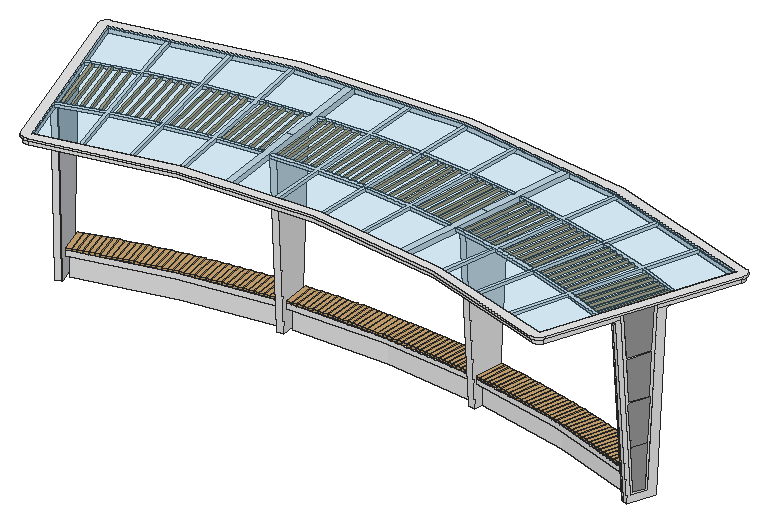
Revit family "L-FUR_퍼걸러_DWP-2007_데오스웍스", category 일반 모델, Revit 2019 (continued)
Definition of nested family "DWP-2007_base"
  Forms (mm)
    Extrusion 19, solid, detail levels fine
      sketch origin (-5766.97, -11301.283, 0) x (1, 0, 0) y (0, 1, 0)
        loop
          arc (11139.363, 13119.28) -> (11174.573, 13115.158) -> (11209.77, 13110.938) r 12790
          line (11209.77, 13110.938) -> (11258.795, 13528.07)
          arc (11258.795, 13528.07) -> (11223.215, 13532.332) -> (11187.624, 13536.498) r 13210
        loop
          arc (9673.82, 13206.839) -> (9707.224, 13206.537) -> (9740.627, 13206.148) r 12790
          line (9740.627, 13206.148) -> (9747.796, 13626.09)
          arc (9747.796, 13626.09) -> (9713.214, 13626.497) -> (9678.631, 13626.814) r 13210
          line (9678.631, 13626.814) -> (9673.82, 13206.839)
        loop
          arc (9750.626, 13206.082) -> (9784.028, 13205.592) -> (9817.428, 13205.015) r 12790
          line (9817.428, 13205.015) -> (9826.955, 13624.91)
          arc (9826.955, 13624.91) -> (9792.376, 13625.512) -> (9757.795, 13626.023) r 13210
          line (9757.795, 13626.023) -> (9750.626, 13206.082)
        loop
          arc (9827.427, 13204.921) -> (9860.825, 13204.244) -> (9894.222, 13203.479) r 12790
          line (9894.222, 13203.479) -> (9906.106, 13623.315)
          arc (9906.106, 13623.315) -> (9871.531, 13624.111) -> (9836.954, 13624.816) r 13210
          line (9836.954, 13624.816) -> (9827.427, 13204.921)
        loop
          arc (9899.22, 13203.357) -> (9932.614, 13202.493) -> (9966.005, 13201.541) r 12790
          line (9966.005, 13201.541) -> (9980.246, 13621.303)
          arc (9980.246, 13621.303) -> (9945.676, 13622.293) -> (9911.104, 13623.192) r 13210
          line (9911.104, 13623.192) -> (9899.22, 13203.357)
        loop
          arc (9971.003, 13201.391) -> (10004.392, 13200.338) -> (10037.777, 13199.199) r 12790
          line (10037.777, 13199.199) -> (10054.375, 13618.874)
          arc (10054.375, 13618.874) -> (10019.811, 13620.058) -> (9985.244, 13621.152) r 13210
          line (9985.244, 13621.152) -> (9971.003, 13201.391)
        loop
          arc (10042.774, 13199.021) -> (10076.156, 13197.781) -> (10109.535, 13196.454) r 12790
          line (10109.535, 13196.454) -> (10128.488, 13616.03)
          arc (10128.488, 13616.03) -> (10093.932, 13617.408) -> (10059.372, 13618.696) r 13210
          line (10059.372, 13618.696) -> (10042.774, 13199.021)
        loop
          arc (10114.531, 13196.248) -> (10147.905, 13194.821) -> (10181.276, 13193.307) r 12790
          line (10181.276, 13193.307) -> (10202.585, 13612.769)
          arc (10202.585, 13612.769) -> (10168.036, 13614.341) -> (10133.484, 13615.823) r 13210
          line (10133.484, 13615.823) -> (10114.531, 13196.248)
        loop
          arc (10257.991, 13189.494) -> (10291.348, 13187.693) -> (10324.699, 13185.804) r 12790
          line (10324.699, 13185.804) -> (10350.717, 13605)
          arc (10350.717, 13605) -> (10316.188, 13606.96) -> (10281.655, 13608.83) r 13210
          line (10281.655, 13608.83) -> (10257.991, 13189.494)
        loop
          arc (10276.662, 13609.093) -> (10242.123, 13610.859) -> (10207.579, 13612.534) r 13210
          line (10207.579, 13612.534) -> (10186.27, 13193.073)
          arc (10186.27, 13193.073) -> (10219.636, 13191.458) -> (10252.998, 13189.756) r 12790
          line (10252.998, 13189.756) -> (10276.662, 13609.093)
        loop
          arc (10425.306, 13602.929) -> (10390.789, 13605.083) -> (10356.266, 13607.147) r 13210
          line (10356.266, 13607.147) -> (10330.249, 13187.95)
          arc (10330.249, 13187.95) -> (10363.594, 13185.961) -> (10396.935, 13183.885) r 12790
          line (10396.935, 13183.885) -> (10425.306, 13602.929)
        loop
          arc (10499.31, 13598.006) -> (10464.806, 13600.353) -> (10430.296, 13602.61) r 13210
          line (10430.296, 13602.61) -> (10401.925, 13183.567)
          arc (10401.925, 13183.567) -> (10435.259, 13181.391) -> (10468.587, 13179.127) r 12790
          line (10468.587, 13179.127) -> (10499.31, 13598.006)
        loop
          arc (10573.286, 13592.667) -> (10538.795, 13595.208) -> (10504.298, 13597.659) r 13210
          line (10504.298, 13597.659) -> (10473.575, 13178.781)
          arc (10473.575, 13178.781) -> (10506.896, 13176.418) -> (10540.211, 13173.967) r 12790
          line (10540.211, 13173.967) -> (10573.286, 13592.667)
        loop
          arc (10647.788, 13589.349) -> (10613.313, 13592.084) -> (10578.83, 13594.729) r 13210
          line (10578.83, 13594.729) -> (10545.755, 13176.03)
          arc (10545.755, 13176.03) -> (10579.063, 13173.48) -> (10612.364, 13170.842) r 12790
          line (10612.364, 13170.842) -> (10647.788, 13589.349)
        loop
          arc (10719.263, 13583.738) -> (10684.803, 13586.666) -> (10650.335, 13589.504) r 13210
          line (10650.335, 13589.504) -> (10614.911, 13170.998)
          arc (10614.911, 13170.998) -> (10648.203, 13168.261) -> (10681.489, 13165.436) r 12790
          line (10681.489, 13165.436) -> (10719.263, 13583.738)
        loop
          arc (10793.138, 13577.153) -> (10758.695, 13580.275) -> (10724.244, 13583.307) r 13210
          line (10724.244, 13583.307) -> (10686.47, 13165.006)
          arc (10686.47, 13165.006) -> (10719.747, 13162.082) -> (10753.016, 13159.071) r 12790
          line (10753.016, 13159.071) -> (10793.138, 13577.153)
        loop
          arc (10866.975, 13570.155) -> (10832.55, 13573.47) -> (10798.117, 13576.695) r 13210
          line (10798.117, 13576.695) -> (10757.995, 13158.613)
          arc (10757.995, 13158.613) -> (10791.255, 13155.502) -> (10824.506, 13152.304) r 12790
          line (10824.506, 13152.304) -> (10866.975, 13570.155)
        loop
          arc (10940.772, 13562.741) -> (10906.366, 13566.249) -> (10871.951, 13569.668) r 13210
          line (10871.951, 13569.668) -> (10829.483, 13151.818)
          arc (10829.483, 13151.818) -> (10862.725, 13148.52) -> (10895.958, 13145.135) r 12790
          line (10895.958, 13145.135) -> (10940.772, 13562.741)
        loop
          arc (11014.526, 13554.914) -> (10980.14, 13558.615) -> (10945.745, 13562.226) r 13210
          line (10945.745, 13562.226) -> (10900.931, 13144.621)
          arc (10900.931, 13144.621) -> (10934.154, 13141.137) -> (10967.368, 13137.566) r 12790
          line (10967.368, 13137.566) -> (11014.526, 13554.914)
        loop
          arc (11089.626, 13547.571) -> (11054.003, 13551.452) -> (11018.369, 13555.236) r 13210
          line (11018.369, 13555.236) -> (10973.079, 13137.683)
          arc (10973.079, 13137.683) -> (11008.331, 13133.942) -> (11043.572, 13130.104) r 12790
          line (11043.572, 13130.104) -> (11089.626, 13547.571)
      from 420 to 450
    Extrusion 20, solid, detail levels fine
      sketch origin (-5766.97, -8001.283, 0) x (1, 0, 0) y (0, 1, 0)
        loop
          line (5337.533, 9593.436) -> (5473.637, 9196.104)
          arc (5473.637, 9196.104) -> (6821.261, 9579.729) -> (8201.758, 9819.485) r 13303.343
          line (8201.758, 9819.485) -> (8151.783, 10236.498)
          arc (8151.783, 10236.498) -> (6727.591, 9989.657) -> (5337.533, 9593.436) r 13634.746
        loop
          line (8249.781, 10247.571) -> (8294.153, 9829.925)
          arc (8294.153, 9829.925) -> (9669.704, 9902.791) -> (11045.254, 9829.925) r 13020.06
          line (11045.254, 9829.925) -> (11089.626, 10247.571)
          arc (11089.626, 10247.571) -> (9669.704, 10326.096) -> (8249.781, 10247.571) r 12877.018
        loop
          line (11187.624, 10236.498) -> (11139.363, 9819.28)
          arc (11139.363, 9819.28) -> (12518.809, 9582.626) -> (13864.137, 9196.664) r 12790
          line (13864.137, 9196.664) -> (14001.874, 9593.436)
          arc (14001.874, 9593.436) -> (12612.368, 9992.073) -> (11187.624, 10236.498) r 13210
      from 345 to 420
    Extrusion 21, solid, detail levels fine
      sketch origin (-5766.97, -11297.715, 0) x (1, 0, 0) y (0, 1, 0)
        loop
          line (5373.607, 12789.52) -> (5439.196, 12600.581)
          arc (5439.196, 12600.581) -> (6795.895, 12989.816) -> (8186.997, 13228.504) r 12900
          line (8186.997, 13228.504) -> (8164.009, 13427.179)
          arc (8164.009, 13427.179) -> (6751.34, 13184.79) -> (5373.607, 12789.52) r 13100
        loop
          line (8263.39, 13438.293) -> (8284.86, 13239.449)
          arc (8284.86, 13239.449) -> (9669.704, 13313.997) -> (11054.547, 13239.449) r 12900
          line (11054.547, 13239.449) -> (11076.017, 13438.293)
          arc (11076.017, 13438.293) -> (9669.704, 13513.997) -> (8263.39, 13438.293) r 13100
        loop
          line (11175.398, 13427.179) -> (11152.41, 13228.504)
          arc (11152.41, 13228.504) -> (12543.512, 12989.816) -> (13900.211, 12600.581) r 12900
          line (13900.211, 12600.581) -> (13965.8, 12789.52)
          arc (13965.8, 12789.52) -> (12588.067, 13184.79) -> (11175.398, 13427.179) r 13100
      from 0 to 345
    Extrusion 22, solid, detail levels coarse+medium
      sketch origin (-7382.77, -3230.965, 0) x (1, 0, 0) y (0, 1, 0)
        loop
          arc (7483.43, 3212.45) -> (11265.42, 3853.926) -> (15047.411, 3212.45) r 11469.597
          arc (15047.411, 3212.45) -> (15146.497, 3217.964) -> (15212.821, 3291.785) r 130
          line (15212.821, 3291.785) -> (16127.458, 5874.642)
          arc (16127.458, 5874.642) -> (16122.153, 5974.207) -> (16047.882, 6040.73) r 130
          arc (16047.882, 6040.73) -> (11265.42, 6853.926) -> (6482.958, 6040.73) r 14469.597
          arc (6482.958, 6040.73) -> (6408.687, 5974.207) -> (6403.382, 5874.642) r 130
          line (6403.382, 5874.642) -> (7318.02, 3291.785)
          arc (7318.02, 3291.785) -> (7384.344, 3217.964) -> (7483.43, 3212.45) r 130
        loop
          arc (16004.915, 5918.037) -> (11265.42, 6723.926) -> (6525.926, 5918.037) r 14339.597
          line (6525.926, 5918.037) -> (7440.563, 3335.179)
          arc (7440.563, 3335.179) -> (11265.42, 3983.926) -> (15090.277, 3335.179) r 11599.597
          line (15090.277, 3335.179) -> (16004.915, 5918.037)
      from 2570 to 2600
    Extrusion 23, solid, detail levels coarse+medium
      sketch origin (-7382.77, -3230.965, 0) x (1, 0, 0) y (0, 1, 0)
        loop
          arc (16037.967, 6012.416) -> (11265.42, 6823.926) -> (6492.874, 6012.416) r 14439.597
          arc (6492.874, 6012.416) -> (6435.742, 5961.245) -> (6431.662, 5884.656) r 100
          line (6431.662, 5884.656) -> (7346.299, 3301.799)
          arc (7346.299, 3301.799) -> (7397.318, 3245.014) -> (7473.538, 3240.772) r 100
          arc (7473.538, 3240.772) -> (11265.42, 3883.926) -> (15057.303, 3240.772) r 11499.597
          arc (15057.303, 3240.772) -> (15133.523, 3245.014) -> (15184.542, 3301.799) r 100
          line (15184.542, 3301.799) -> (16099.179, 5884.656)
          arc (16099.179, 5884.656) -> (16095.098, 5961.245) -> (16037.967, 6012.416) r 100
        loop
          line (6525.926, 5918.037) -> (7440.563, 3335.179)
          arc (7440.563, 3335.179) -> (11265.42, 3983.926) -> (15090.277, 3335.179) r 11599.597
          line (15090.277, 3335.179) -> (16004.915, 5918.037)
          arc (16004.915, 5918.037) -> (11265.42, 6723.926) -> (6525.926, 5918.037) r 14339.597
      from 2500 to 2570
    Extrusion 24, solid, detail levels coarse+medium
      sketch origin (3343.38, -16208.526, -3483.23) x (0.112001, 0.993708, 0) y (0, 0, -1)
        loop
          arc (17983.432, -5936.168) -> (17967.819, -5969.609) -> (17933.518, -5983.23) r 50
          line (17933.518, -5983.23) -> (16933.623, -5983.23) -> (16933.623, -6053.23) -> (18350.351, -6053.23) -> (19797.829, -6053.23) -> (19797.829, -5983.23) -> (18722.14, -5983.23)
          arc (18722.14, -5983.23) -> (18687.84, -5969.609) -> (18672.227, -5936.168) r 50
          line (18672.227, -5936.168) -> (18527.823, -3483.23) -> (18127.836, -3483.23) -> (17983.432, -5936.168)
      from 2.137 to 102.128
    Extrusion 25, solid, detail levels coarse+medium
      sketch origin (14374.392, 18614.026, -3483.23) x (-0.334043, -0.942558, 0) y (0, 0, 1)
        loop
          line (18722.14, 5983.23) -> (18604.876, 5983.23) -> (18463.589, 3583.23) -> (18252.174, 3583.23) -> (18110.886, 5983.23) -> (17933.518, 5983.23)
          arc (17933.518, 5983.23) -> (17967.819, 5969.609) -> (17983.432, 5936.168) r 50
          line (17983.432, 5936.168) -> (18127.836, 3483.23) -> (18527.823, 3483.23) -> (18672.227, 5936.168)
          arc (18672.227, 5936.168) -> (18687.84, 5969.609) -> (18722.14, 5983.23) r 50
      from 0 to 90
    Extrusion 26, solid, detail levels coarse+medium
      sketch origin (14374.392, 18614.026, -3483.23) x (-0.334043, -0.942558, 0) y (0, 0, 1)
        loop
          line (17983.432, 5936.168) -> (18127.836, 3483.23) -> (18527.823, 3483.23) -> (18672.227, 5936.168)
          arc (18672.227, 5936.168) -> (18687.84, 5969.609) -> (18722.14, 5983.23) r 50
          line (18722.14, 5983.23) -> (19673.592, 5983.23) -> (19673.592, 6053.23) -> (18350.351, 6053.23) -> (16933.572, 6053.23) -> (16933.572, 5983.23) -> (17933.518, 5983.23)
          arc (17933.518, 5983.23) -> (17967.819, 5969.609) -> (17983.432, 5936.168) r 50
      from 90 to 100
    Extrusion 27, solid, detail levels coarse+medium
      sketch origin (14374.392, 18614.026, -3483.23) x (-0.334043, -0.942558, 0) y (0, 0, 1)
        loop
          line (18252.174, 3583.23) -> (18463.589, 3583.23) -> (18608.997, 6053.23) -> (18578.945, 6053.23) -> (18543.034, 5443.23) -> (18172.728, 5443.23) -> (18136.818, 6053.23) -> (18106.766, 6053.23) -> (18252.174, 3583.23)
        loop
          line (18280.46, 3613.23) -> (18435.303, 3613.23) -> (18470.625, 4213.23) -> (18245.138, 4213.23) -> (18280.46, 3613.23)
        loop
          line (18542.446, 5433.23) -> (18173.317, 5433.23) -> (18208.639, 4833.23) -> (18507.124, 4833.23) -> (18542.446, 5433.23)
        loop
          line (18506.535, 4823.23) -> (18209.227, 4823.23) -> (18244.549, 4223.23) -> (18471.213, 4223.23) -> (18506.535, 4823.23)
      from 90 to 0
    Extrusion 28, solid, detail levels coarse+medium
      sketch origin (14374.392, 18614.026, -3483.23) x (-0.334043, -0.942558, 0) y (0, 0, 1)
        loop
          line (18506.535, 4823.23) -> (18209.227, 4823.23) -> (18244.549, 4223.23) -> (18471.213, 4223.23) -> (18506.535, 4823.23)
        loop
          line (18470.625, 4213.23) -> (18245.138, 4213.23) -> (18280.46, 3613.23) -> (18435.303, 3613.23) -> (18470.625, 4213.23)
      from 90 to 0
    Extrusion 29, solid, detail levels coarse+medium
      sketch origin (14374.392, 18614.026, -3483.23) x (-0.334043, -0.942558, 0) y (0, 0, 1)
        loop
          line (18578.945, 6053.23) -> (18136.818, 6053.23) -> (18172.728, 5443.23) -> (18543.034, 5443.23) -> (18578.945, 6053.23)
        loop
          line (18542.446, 5433.23) -> (18173.317, 5433.23) -> (18208.639, 4833.23) -> (18507.124, 4833.23) -> (18542.446, 5433.23)
      from 90 to 0
    Extrusion 30, solid, detail levels coarse+medium
      sketch origin (4415.46, -16208.526, -3483.23) x (-0.112001, 0.993708, 0) y (0, 0, 1)
        loop
          line (17983.432, 5936.168) -> (18127.836, 3483.23) -> (18527.823, 3483.23) -> (18672.227, 5936.168)
          arc (18672.227, 5936.168) -> (18687.84, 5969.609) -> (18722.14, 5983.23) r 50
          line (18722.14, 5983.23) -> (19797.829, 5983.23) -> (19797.829, 6053.23) -> (18350.351, 6053.23) -> (16918.065, 6053.23) -> (16918.065, 5983.23) -> (17933.518, 5983.23)
          arc (17933.518, 5983.23) -> (17967.819, 5969.609) -> (17983.432, 5936.168) r 50
      from 2.137 to 102.128
    Extrusion 31, solid, detail levels coarse+medium
      sketch origin (-6612.35, 18615.161, -3483.23) x (0.334043, -0.942558, 0) y (0, 0, -1)
        loop
          arc (18722.14, -5983.23) -> (18687.84, -5969.609) -> (18672.227, -5936.168) r 50
          line (18672.227, -5936.168) -> (18527.823, -3483.23) -> (18127.836, -3483.23) -> (17983.432, -5936.168)
          arc (17983.432, -5936.168) -> (17967.819, -5969.609) -> (17933.518, -5983.23) r 50
          line (17933.518, -5983.23) -> (18110.886, -5983.23) -> (18252.174, -3583.23) -> (18463.589, -3583.23) -> (18604.876, -5983.23) -> (18722.14, -5983.23)
      from 0 to 90
    Extrusion 32, solid, detail levels coarse+medium
      sketch origin (-6612.35, 18615.161, -3483.23) x (0.334043, -0.942558, 0) y (0, 0, -1)
        loop
          arc (17983.432, -5936.168) -> (17967.819, -5969.609) -> (17933.518, -5983.23) r 50
          line (17933.518, -5983.23) -> (16934.65, -5983.23) -> (16934.65, -6053.23) -> (18350.351, -6053.23) -> (19674.67, -6053.23) -> (19674.67, -5983.23) -> (18722.14, -5983.23)
          arc (18722.14, -5983.23) -> (18687.84, -5969.609) -> (18672.227, -5936.168) r 50
          line (18672.227, -5936.168) -> (18527.823, -3483.23) -> (18127.836, -3483.23) -> (17983.432, -5936.168)
      from 90 to 100
    Extrusion 33, solid, detail levels coarse+medium
      sketch origin (-6615.552, 18614.026, -3483.23) x (0.334043, -0.942558, 0) y (0, 0, -1)
        loop
          line (18252.174, -3583.23) -> (18106.766, -6053.23) -> (18136.818, -6053.23) -> (18172.728, -5443.23) -> (18543.034, -5443.23) -> (18578.945, -6053.23) -> (18608.997, -6053.23) -> (18463.589, -3583.23) -> (18252.174, -3583.23)
        loop
          line (18280.46, -3613.23) -> (18245.138, -4213.23) -> (18470.625, -4213.23) -> (18435.303, -3613.23) -> (18280.46, -3613.23)
        loop
          line (18542.446, -5433.23) -> (18507.124, -4833.23) -> (18208.639, -4833.23) -> (18173.317, -5433.23) -> (18542.446, -5433.23)
        loop
          line (18506.535, -4823.23) -> (18471.213, -4223.23) -> (18244.549, -4223.23) -> (18209.227, -4823.23) -> (18506.535, -4823.23)
      from 90 to 0
    Extrusion 34, solid, detail levels coarse+medium
      sketch origin (-6615.552, 18614.026, -3483.23) x (0.334043, -0.942558, 0) y (0, 0, -1)
        loop
          line (18506.535, -4823.23) -> (18471.213, -4223.23) -> (18244.549, -4223.23) -> (18209.227, -4823.23) -> (18506.535, -4823.23)
        loop
          line (18470.625, -4213.23) -> (18435.303, -3613.23) -> (18280.46, -3613.23) -> (18245.138, -4213.23) -> (18470.625, -4213.23)
      from 90 to 0
    Extrusion 35, solid, detail levels coarse+medium
      sketch origin (-6615.552, 18614.026, -3483.23) x (0.334043, -0.942558, 0) y (0, 0, -1)
        loop
          line (18578.945, -6053.23) -> (18543.034, -5443.23) -> (18172.728, -5443.23) -> (18136.818, -6053.23) -> (18578.945, -6053.23)
        loop
          line (18542.446, -5433.23) -> (18507.124, -4833.23) -> (18208.639, -4833.23) -> (18173.317, -5433.23) -> (18542.446, -5433.23)
      from 90 to 0
    Extrusion 36, solid, detail levels coarse+medium
      sketch origin (-7382.77, -3230.965, 0) x (1, 0, 0) y (0, 1, 0)
        loop
          line (8685.101, 3693.29) -> (8068.751, 6362.996) -> (8020.033, 6351.748) -> (8636.383, 3682.043) -> (8685.101, 3693.29)
        loop
          line (11245.198, 3983.806) -> (11295.198, 3983.806) -> (11295.198, 6723.736) -> (11245.198, 6723.736) -> (11245.198, 3983.806)
        loop
          line (13894.458, 3682.043) -> (14510.808, 6351.748) -> (14462.089, 6362.996) -> (13845.74, 3693.29) -> (13894.458, 3682.043)
      from 2530 to 2570
    Extrusion 37, solid, detail levels coarse+medium
      sketch origin (-7382.77, -3230.965, 0) x (1, 0, 0) y (0, 1, 0)
        loop
          arc (7765.9, 4351.797) -> (7456.056, 4259.725) -> (7150.447, 4154.442) r 7531.302
          line (7150.447, 4154.442) -> (7167.706, 4105.705)
          arc (7167.706, 4105.705) -> (7471.946, 4210.529) -> (7780.413, 4302.169) r 7479.604
          line (7780.413, 4302.169) -> (8009.841, 3517.583) -> (8057.831, 3531.617) -> (7828.057, 4317.385)
          arc (7828.057, 4317.385) -> (8139.847, 4402.819) -> (8453.755, 4480.107) r 12418.265
          line (8453.755, 4480.107) -> (8442.173, 4529.932)
          arc (8442.173, 4529.932) -> (8126.872, 4452.3) -> (7813.7, 4366.483) r 12469.418
          line (7813.7, 4366.483) -> (7532.982, 5326.468)
          arc (7532.982, 5326.468) -> (7873.223, 5419.783) -> (8215.792, 5504.154) r 13469.597
          line (8215.792, 5504.154) -> (8204.472, 5552.856)
          arc (8204.472, 5552.856) -> (7860.541, 5468.148) -> (7518.948, 5374.458) r 13519.597
          line (7518.948, 5374.458) -> (7288.801, 6161.504) -> (7240.811, 6147.47) -> (7470.932, 5360.514)
          arc (7470.932, 5360.514) -> (7133.077, 5259.686) -> (6799.649, 5145.066) r 8582.127
          line (6799.649, 5145.066) -> (6816.34, 5097.933)
          arc (6816.34, 5097.933) -> (7148.392, 5212.272) -> (7484.965, 5312.523) r 8336.048
          line (7484.965, 5312.523) -> (7765.9, 4351.797)
        loop
          line (9320.419, 3819.696) -> (9179.667, 4626.181)
          arc (9179.667, 4626.181) -> (9494.328, 4675.649) -> (9810.154, 4717.03) r 12418.265
          line (9810.154, 4717.03) -> (9804.62, 4763.928)
          arc (9804.62, 4763.928) -> (9487.499, 4722.377) -> (9171.548, 4672.702) r 12465.489
          line (9171.548, 4672.702) -> (8998.914, 5661.866)
          arc (8998.914, 5661.866) -> (9343.097, 5716.048) -> (9688.567, 5761.309) r 13469.597
          line (9688.567, 5761.309) -> (9682.714, 5810.965)
          arc (9682.714, 5810.965) -> (9335.87, 5765.523) -> (8990.318, 5711.122) r 13519.597
          line (8990.318, 5711.122) -> (8849.337, 6518.917) -> (8800.082, 6510.321) -> (8941.046, 5702.617)
          arc (8941.046, 5702.617) -> (8595.89, 5639.463) -> (8253.194, 5564.086) r 9875.451
          line (8253.194, 5564.086) -> (8264.334, 5515.343)
          arc (8264.334, 5515.343) -> (8606.093, 5588.799) -> (8949.643, 5653.361) r 13469.597
          line (8949.643, 5653.361) -> (9121.865, 4666.553)
          arc (9121.865, 4666.553) -> (8804.658, 4608.721) -> (8489.776, 4539.339) r 8823.781
          line (8489.776, 4539.339) -> (8501.728, 4487.57)
          arc (8501.728, 4487.57) -> (8815.205, 4556.65) -> (9131, 4614.212) r 8770.652
          line (9131, 4614.212) -> (9271.163, 3811.1) -> (9320.419, 3819.696)
        loop
          arc (10487.191, 5881.427) -> (10135.533, 5856.616) -> (9784.648, 5822.589) r 13439.092
          line (9784.648, 5822.589) -> (9790.15, 5772.894)
          arc (9790.15, 5772.894) -> (10139.718, 5806.877) -> (10490.069, 5831.51) r 13147.761
          line (10490.069, 5831.51) -> (10547.864, 4829.149)
          arc (10547.864, 4829.149) -> (10225.571, 4806.371) -> (9903.977, 4775.249) r 12465.489
          line (9903.977, 4775.249) -> (9909.135, 4728.307)
          arc (9909.135, 4728.307) -> (10229.511, 4759.312) -> (10550.582, 4782.003) r 12418.265
          line (10550.582, 4782.003) -> (10597.718, 3964.503) -> (10647.635, 3967.382) -> (10600.704, 4781.333)
          arc (10600.704, 4781.333) -> (10922.789, 4796.079) -> (11245.198, 4798.976) r 8770.652
          line (11245.198, 4798.976) -> (11245.198, 4852.107)
          arc (11245.198, 4852.107) -> (10921.259, 4849.186) -> (10597.646, 4834.375) r 8823.781
          line (10597.646, 4834.375) -> (10539.992, 5834.296)
          arc (10539.992, 5834.296) -> (10892.55, 5848.107) -> (11245.332, 5853.83) r 15385.412
          line (11245.332, 5853.83) -> (11245.222, 5903.497)
          arc (11245.222, 5903.497) -> (10891.041, 5898.517) -> (10537.113, 5884.213) r 13451.083
          line (10537.113, 5884.213) -> (10489.911, 6702.859) -> (10439.994, 6699.981) -> (10487.191, 5881.427)
        loop
          line (11942.667, 3964.057) -> (11986.881, 4780.398)
          arc (11986.881, 4780.398) -> (12303.595, 4760.582) -> (12619.184, 4727.351) r 7479.604
          line (12619.184, 4727.351) -> (12624.691, 4778.764)
          arc (12624.691, 4778.764) -> (12307.748, 4812.114) -> (11989.677, 4832.025) r 7531.302
          line (11989.677, 4832.025) -> (12043.801, 5831.335)
          arc (12043.801, 5831.335) -> (12392.61, 5808.821) -> (12740.29, 5772.852) r 9049.224
          line (12740.29, 5772.852) -> (12745.617, 5822.578)
          arc (12745.617, 5822.578) -> (12396.63, 5858.703) -> (12046.505, 5881.263) r 9042.027
          line (12046.505, 5881.263) -> (12090.852, 6700.068) -> (12040.925, 6702.772) -> (11996.583, 5884.059)
          arc (11996.583, 5884.059) -> (11646.002, 5897.383) -> (11295.221, 5903.448) r 16949.201
          line (11295.221, 5903.448) -> (11295.147, 5853.986)
          arc (11295.147, 5853.986) -> (11644.681, 5849.968) -> (11993.879, 5834.132) r 10335.22
          line (11993.879, 5834.132) -> (11939.792, 4835.498)
          arc (11939.792, 4835.498) -> (11617.632, 4848.772) -> (11295.237, 4853.712) r 12469.418
          line (11295.237, 4853.712) -> (11295.16, 4802.558)
          arc (11295.16, 4802.558) -> (11616.21, 4797.638) -> (11937.025, 4784.42) r 12418.265
          line (11937.025, 4784.42) -> (11892.74, 3966.761) -> (11942.667, 3964.057)
        loop
          line (13589.795, 5702.617) -> (13730.759, 6510.321) -> (13681.504, 6518.917) -> (13540.523, 5711.122)
          arc (13540.523, 5711.122) -> (13192.058, 5767.76) -> (12841.585, 5810.236) r 8714.265
          line (12841.585, 5810.236) -> (12836.629, 5760.498)
          arc (12836.629, 5760.498) -> (13185.304, 5718.414) -> (13531.927, 5661.866) r 8443.273
          line (13531.927, 5661.866) -> (13359.853, 4675.913)
          arc (13359.853, 4675.913) -> (13042.924, 4728.427) -> (12724.044, 4767.378) r 7531.302
          line (12724.044, 4767.378) -> (12718.253, 4716.002)
          arc (12718.253, 4716.002) -> (13035.581, 4677.253) -> (13350.964, 4624.98) r 7479.604
          line (13350.964, 4624.98) -> (13210.422, 3819.696) -> (13259.678, 3811.1) -> (13400.447, 4617.684)
          arc (13400.447, 4617.684) -> (13716.011, 4558.396) -> (14029.937, 4490.97) r 12418.265
          line (14029.937, 4490.97) -> (14041.369, 4540.83)
          arc (14041.369, 4540.83) -> (13726.128, 4608.539) -> (13409.241, 4668.076) r 12469.418
          line (13409.241, 4668.076) -> (13581.198, 5653.361)
          arc (13581.198, 5653.361) -> (13925.068, 5590.536) -> (14266.449, 5515.356) r 9695.997
          line (14266.449, 5515.356) -> (14277.624, 5564.092)
          arc (14277.624, 5564.092) -> (13934.608, 5637.817) -> (13589.795, 5702.617) r 13519.597
        loop
          line (15059.909, 5360.514) -> (15290.03, 6147.47) -> (15242.04, 6161.504) -> (15011.893, 5374.458)
          arc (15011.893, 5374.458) -> (14670.851, 5470.315) -> (14326.346, 5552.861) r 9124.783
          line (14326.346, 5552.861) -> (14314.868, 5503.639)
          arc (14314.868, 5503.639) -> (14658.151, 5421.943) -> (14997.859, 5326.468) r 8747.249
          line (14997.859, 5326.468) -> (14716.727, 4365.066)
          arc (14716.727, 4365.066) -> (14404.742, 4452.293) -> (14089.765, 4528.01) r 8823.781
          line (14089.765, 4528.01) -> (14077.813, 4476.24)
          arc (14077.813, 4476.24) -> (14391.304, 4400.891) -> (14701.815, 4314.072) r 8770.652
          line (14701.815, 4314.072) -> (14473.01, 3531.617) -> (14521, 3517.583) -> (14750.803, 4303.449)
          arc (14750.803, 4303.449) -> (15058.953, 4208.982) -> (15364.548, 4106.55) r 12418.265
          line (15364.548, 4106.55) -> (15380.323, 4151.062)
          arc (15380.323, 4151.062) -> (15073.473, 4253.919) -> (14764.057, 4348.775) r 12465.489
          line (14764.057, 4348.775) -> (15045.876, 5312.523)
          arc (15045.876, 5312.523) -> (15382.774, 5211.134) -> (15715.741, 5097.499) r 9623.855
          line (15715.741, 5097.499) -> (15732.443, 5144.627)
          arc (15732.443, 5144.627) -> (15398.058, 5258.434) -> (15059.909, 5360.514) r 10130.138
      from 2530 to 2570
    Extrusion 38, solid, detail levels coarse+medium
      sketch origin (-7382.77, -3230.965, 0) x (1, 0, 0) y (0, 1, 0)
        loop
          line (7148.955, 5207.434) -> (6815.682, 5099.79) -> (7149.619, 4156.781) -> (7470.585, 4260.45) -> (7764.822, 4355.485) -> (7484.047, 5315.665) -> (7148.955, 5207.434)
        loop
          line (7871.191, 5417.23) -> (7532.429, 5328.358) -> (7813.204, 4368.178) -> (8139.457, 4453.768) -> (8440.012, 4532.617) -> (8214.962, 5507.416) -> (7871.191, 5417.23)
        loop
          line (8602.886, 5586.155) -> (8263.745, 5518.388) -> (8488.795, 4543.589) -> (8798.833, 4605.541) -> (9121.269, 4669.97) -> (8949.291, 5655.374) -> (8602.886, 5586.155)
        loop
          line (9343.996, 5714.199) -> (8998.366, 5665.008) -> (9170.377, 4679.412) -> (9499.748, 4726.289) -> (9800.149, 4769.043) -> (9688.1, 5763.173) -> (9343.996, 5714.199)
        loop
          line (10139.031, 5804.7) -> (9787.441, 5774.559) -> (9899.482, 4780.496) -> (10239.392, 4809.636) -> (10547.466, 4836.047) -> (10489.881, 5834.778) -> (10139.031, 5804.7)
        loop
          line (10597.464, 4837.531) -> (10934.608, 4847.537) -> (11245.198, 4856.754) -> (11245.198, 5857.195) -> (10889.95, 5846.652) -> (10539.878, 5836.262) -> (10597.464, 4837.531)
        loop
          line (15391.441, 5207.434) -> (15047.619, 5318.485) -> (14766.844, 4358.305) -> (15069.811, 4260.45) -> (15382.202, 4159.55) -> (15716.139, 5102.559) -> (15391.441, 5207.434)
        loop
          line (14669.205, 5417.23) -> (14316.424, 5509.78) -> (14091.374, 4534.981) -> (14400.939, 4453.768) -> (14718.318, 4370.506) -> (14999.093, 5330.686) -> (14669.205, 5417.23)
        loop
          line (14267.518, 5520.213) -> (13581.872, 5657.219) -> (13409.241, 4668.076)
          arc (13409.241, 4668.076) -> (13726.147, 4608.535) -> (14041.407, 4540.821) r 12469.418
          line (14041.407, 4540.821) -> (14267.518, 5520.213)
        loop
          line (13196.4, 5714.199) -> (12836.533, 5765.416) -> (12724.484, 4771.286) -> (13040.647, 4726.289) -> (13360.696, 4680.739) -> (13532.707, 5666.335) -> (13196.4, 5714.199)
        loop
          line (12401.365, 5804.7) -> (12044.017, 5835.336) -> (11989.909, 4836.306) -> (12301.003, 4809.636) -> (12625.052, 4781.856) -> (12737.093, 5775.919) -> (12401.365, 5804.7)
        loop
          line (11939.907, 4837.621) -> (11994.005, 5836.456) -> (11650.446, 5846.652) -> (11295.198, 5857.195) -> (11295.198, 4856.754) -> (11605.787, 4847.537) -> (11939.907, 4837.621)
      from 2530 to 2570
    Extrusion 39, solid, detail levels coarse+medium
      sketch origin (-7382.77, -3230.965, 0) x (1, 0, 0) y (0, 1, 0)
        loop
          line (6525.926, 5918.037) -> (7440.563, 3335.179)
          arc (7440.563, 3335.179) -> (11265.42, 3983.926) -> (15090.277, 3335.179) r 11599.597
          line (15090.277, 3335.179) -> (16004.915, 5918.037)
          arc (16004.915, 5918.037) -> (11265.42, 6723.926) -> (6525.926, 5918.037) r 14339.597
      from 2600 to 2570
    Extrusion 40, solid, detail levels coarse+medium
      sketch origin (-5766.97, -11301.283, 0) x (1, 0, 0) y (0, 1, 0)
        loop
          arc (5475.27, 12496.664) -> (6820.599, 12882.626) -> (8200.044, 13119.28) r 12790
          line (8200.044, 13119.28) -> (8151.783, 13536.498)
          arc (8151.783, 13536.498) -> (6727.039, 13292.073) -> (5337.533, 12893.436) r 13210
          line (5337.533, 12893.436) -> (5475.27, 12496.664)
        loop
          line (11043.149, 13126.268) -> (11089.626, 13547.571)
          arc (11089.626, 13547.571) -> (9669.531, 13627.196) -> (8249.107, 13553.679) r 13210
          line (8249.107, 13553.679) -> (8296.931, 13120.164)
          arc (8296.931, 13120.164) -> (9669.876, 13197.195) -> (11043.149, 13126.268) r 12780
        loop
          arc (14001.874, 12893.436) -> (12612.368, 13292.073) -> (11187.624, 13536.498) r 13210
          line (11187.624, 13536.498) -> (11139.363, 13119.28)
          arc (11139.363, 13119.28) -> (12518.809, 12882.626) -> (13864.137, 12496.664) r 12790
          line (13864.137, 12496.664) -> (14001.874, 12893.436)
      from 420 to 450
    Extrusion 41, solid, detail levels coarse+medium
      sketch origin (-5766.97, -8001.283, 0) x (1, 0, 0) y (0, 1, 0)
        loop
          line (5337.533, 9593.436) -> (5473.637, 9196.104)
          arc (5473.637, 9196.104) -> (6821.261, 9579.729) -> (8201.758, 9819.485) r 13303.343
          line (8201.758, 9819.485) -> (8151.783, 10236.498)
          arc (8151.783, 10236.498) -> (6727.591, 9989.657) -> (5337.533, 9593.436) r 13634.746
        loop
          line (8249.781, 10247.571) -> (8294.153, 9829.925)
          arc (8294.153, 9829.925) -> (9669.704, 9902.791) -> (11045.254, 9829.925) r 13020.06
          line (11045.254, 9829.925) -> (11089.626, 10247.571)
          arc (11089.626, 10247.571) -> (9669.704, 10326.096) -> (8249.781, 10247.571) r 12877.018
        loop
          line (11187.624, 10236.498) -> (11139.363, 9819.28)
          arc (11139.363, 9819.28) -> (12518.809, 9582.626) -> (13864.137, 9196.664) r 12790
          line (13864.137, 9196.664) -> (14001.874, 9593.436)
          arc (14001.874, 9593.436) -> (12612.368, 9992.073) -> (11187.624, 10236.498) r 13210
      from 345 to 420
    Extrusion 42, solid, detail levels coarse+medium
      sketch origin (-5766.97, -11297.715, 0) x (1, 0, 0) y (0, 1, 0)
        loop
          line (5373.607, 12789.52) -> (5439.196, 12600.581)
          arc (5439.196, 12600.581) -> (6795.895, 12989.816) -> (8186.997, 13228.504) r 12900
          line (8186.997, 13228.504) -> (8164.009, 13427.179)
          arc (8164.009, 13427.179) -> (6751.34, 13184.79) -> (5373.607, 12789.52) r 13100
        loop
          line (8263.39, 13438.293) -> (8284.86, 13239.449)
          arc (8284.86, 13239.449) -> (9669.704, 13313.997) -> (11054.547, 13239.449) r 12900
          line (11054.547, 13239.449) -> (11076.017, 13438.293)
          arc (11076.017, 13438.293) -> (9669.704, 13513.997) -> (8263.39, 13438.293) r 13100
        loop
          line (11175.398, 13427.179) -> (11152.41, 13228.504)
          arc (11152.41, 13228.504) -> (12543.512, 12989.816) -> (13900.211, 12600.581) r 12900
          line (13900.211, 12600.581) -> (13965.8, 12789.52)
          arc (13965.8, 12789.52) -> (12588.067, 13184.79) -> (11175.398, 13427.179) r 13100
      from 0 to 345
  Dimensions and locks
    aligned and locked: level to plane 2
